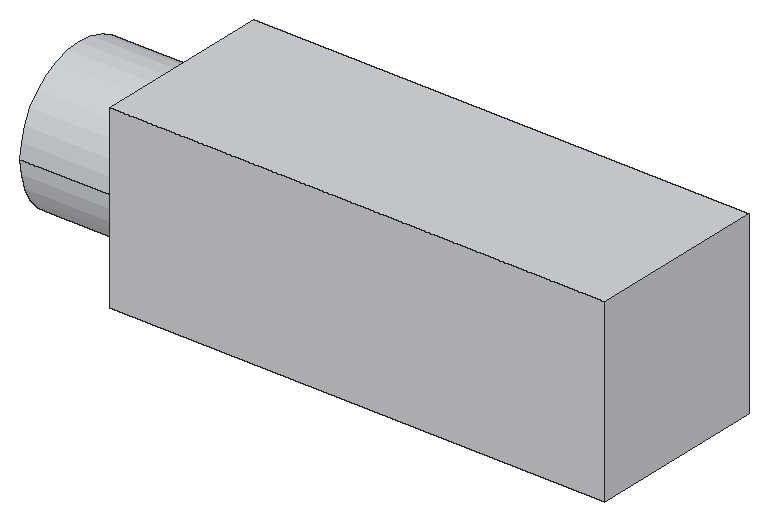
Revit family "d63983a1a0904ca7b1f8072abea14b62", category Conduit Fittings, Revit 2021
Family settings
  Round Connector Dimension = Use Radius
  Part Type = Cap
  OmniClass Number = 23.80.30.17.11
  OmniClass Title = Conduits
  Work Plane-Based = No
  Always vertical = Yes
  Cut with Voids When Loaded = No
  Shared = No
Parameters (values of type "Standard")
  Total Length [instance] = size_lookup(Conduit Size Lookup, "TLgt", 3.65 * Nominal Diameter + 2 91/128", Nominal Diameter)  # 4 3/8"
  Nominal Radius [instance] = 1/4"
  Nominal Diameter [instance] = Nominal Radius * 2  # 1/2"
  Fitting Outside Radius [instance] = Fitting Outside Diameter * 0.5  # 0.54"
  Fitting Outside Diameter [instance] = size_lookup(Conduit Size Lookup, "FOD", 1.15 * Nominal Diameter + 59/128", Nominal Diameter)  # 1.08"
  Default Elevation = 0' - 0"
  Conduit Size Lookup = "Conduit Body - Type E - Aluminum"
  Conduit Length [instance] = size_lookup(Conduit Size Lookup, "CLgt", 0.17 * Nominal Diameter + 23/32", Nominal Diameter)  # 3/4"
  Conduit Body Width [instance] = size_lookup(Conduit Size Lookup, "CBW", 1.31 * Nominal Diameter + 41/64", Nominal Diameter)  # 1 5/16"
Reference planes (in)
  plane 1 "Center (Front/Back)": y = 0
  plane 2: z = 0
  plane 3 "Center (Left/Right)": x = 0
  plane 4: y = 0.65625
  plane 5: y = -0.65625
  plane 6: z = 0.65625
  plane 7: z = -0.65625
  plane 8: x = 0.75
  plane 9: x = 4.375
Forms (in)
  Extrusion 1, solid
    sketch origin (0, 0, 0) x (1, 0, 0) y (0, 1, 0)
      loop
        line (0.75, 0.65625) -> (0.75, -0.65625) -> (4.375, -0.65625) -> (4.375, 0.65625) -> (0.75, 0.65625)
    from -0.65625 to 0.65625
  Extrusion 2, solid, detail levels fine
    sketch origin (0, 0, 0) x (0, 1, 0) y (0, 0, 1)
      loop
        circle (0, 0) r 0.54
    from 0 to 0.75
Lines and regions (in)
  model lines, detail levels coarse+medium
    curve 1: line (0, 0, 0) -> (0.75, 0, 0)
Dimensions and locks (in)
  equal spacing: plane 4, plane 1 "Center (Front/Back)", plane 5
  "Conduit Body Width": plane 4 to plane 5
  equal spacing: plane 6, plane 2, plane 7
  "Conduit Body Width": plane 6 to plane 7
  "Conduit Length": plane 3 "Center (Left/Right)" to plane 8
  "Total Length": plane 3 "Center (Left/Right)" to plane 9
  "Fitting Outside Radius": radius of Extrusion 2 sketch curve
  aligned and locked: plane 8 to Extrusion 1 sketch curve
  aligned and locked: Extrusion 1 sketch curve to plane 9
  aligned and locked: Extrusion 1 sketch curve to plane 4
  aligned and locked: plane 5 to Extrusion 1 sketch curve
  aligned and locked: Extrusion 1 to plane 7
  aligned and locked: plane 6 to Extrusion 1
  aligned and locked: plane 2 to Extrusion 2 sketch curve
  aligned and locked: plane 1 "Center (Front/Back)" to Extrusion 2 sketch curve
  aligned and locked: Extrusion 2 to plane 3 "Center (Left/Right)"
  aligned and locked: plane 8 to Extrusion 2
  aligned and locked: plane 3 "Center (Left/Right)" to curve 1
  aligned and locked: plane 8 to curve 1
  aligned and locked: plane 1 "Center (Front/Back)" to curve 1
Connectors (in)
  cabletrayconduit at (0, 0, 0), diameter 0.5, driven by "Nominal Radius"
    settings: on Extrusion 2, index 1, connector width 1' - 0", connector height 1' - 0", connector angle 0.00°, system type 32, placement type 0, profile type 0, connector reference index -1, is primary connector yes, connector utility param no, connector description ""
